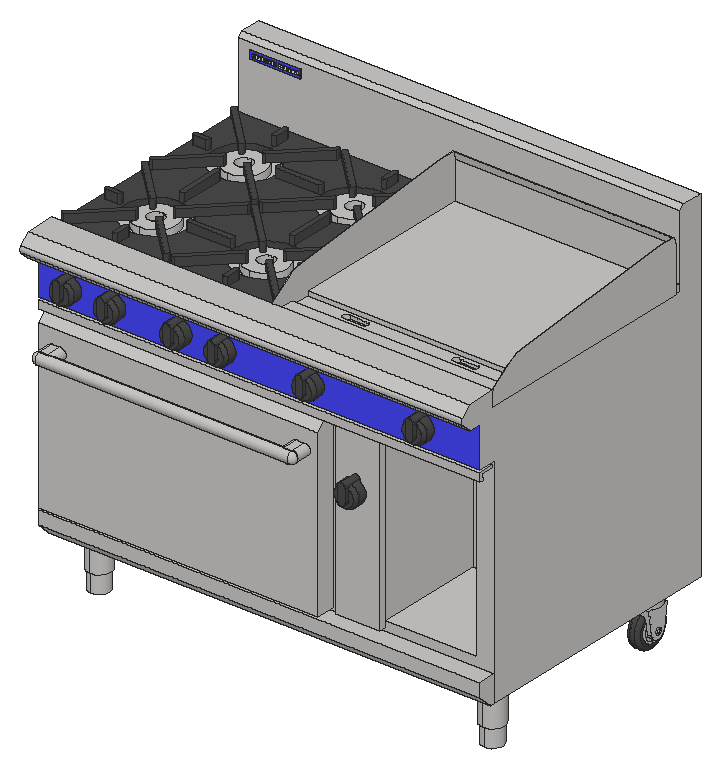
Revit family "QF_MOFFAT_BLUESEAL_CE_G508B", category Specialty Equipment, Revit 2012
Parameters
  Width = 1200 mm
  Weight in Pounds = 568
  URL Cutsheet = "www.moffat.com"
  URL = "www.moffat.com"
  Type Mark [instance] = ""
  Status [instance] = ""
  Specification by User [instance] = ""
  Specification by Manufacturer = ""
  Show Logo [instance] = yes
  Show Clearance [instance] = yes
  Show Casters [instance] = yes
  Serial Number = ""
  Seismic Rating = ""
  SMACNA No = ""
  Revision Code [instance] = ""
  Omniclass Number and Title = ""
  NAFEM Spec ID Number = ""
  Model = "G508B"
  Mechanical Remarks = ""
  Mechanical Connection Type [instance] = ""
  Masterspec = ""
  Manufacturer = "MOFFAT BLUESEAL"
  Legs [instance] = not(Show Casters)  # no
  Item Number [instance] = ""
  Installed By [instance] = ""
  Identify Quantity as Lot [instance] = yes
  Height = 970 mm
  Gas Size = 3/4"
  Gas RI Height [instance] = 0 mm
  Gas KW [instance] = 49
  Gas Input [instance] = 167000.0 Btu/h
  Gas Connection Height = 0 mm
  Furnished By [instance] = ""
  Foodservice Equipment Identifier [instance] = yes
  Description = "1200MM GAS RANGE WITH STATIC OVEN"
  Depth = 812 mm
  CSI MasterFormat = ""
  CSI Master Format = ""
  Body Finish = QF_Finishes_Stainless Steel
Reference planes
  plane 1 "BACK": y = 0
  plane 2: z = 0
  plane 3 "LEFT": x = 0
  plane 4 "RIGHT": x = 1200
  plane 5 "FRONT": y = -812
  plane 6 "TOP": z = 970
  plane 7 "Center Y": x = 600
  plane 8 "Center X": y = -406
  plane 9: x = 280
  plane 10: y = -574.272
  plane 11: x = 60
  plane 12: y = -304.972
  plane 13: y = -364.972
  plane 14: x = 74
  plane 15: y = -812
  plane 16: x = 1134.5
  plane 17: y = -32
  plane 18: z = 655
  plane 19: x = 65.5
  plane 20: x = 65.8
  plane 21: z = 1085
  plane 22: y = -705
Forms (mm)
  Extrusion 1, solid, material "QF_Finishes_Stainless Steel" <- "Body Finish"
    sketch origin (0, 0, 0) x (0, 1, 0) y (0, 0, 1)
      loop
        line (0, 150) -> (0, 1085) -> (-57.5, 1085) -> (-70, 1072.5) -> (-70, 875) -> (-705, 875) -> (-705, 915) -> (-783.97, 915) -> (-808.49, 890.48)
        arc (-808.49, 890.48) -> (-812.002, 882) -> (-808.49, 873.52) r 11.993
        line (-808.49, 873.52) -> (-784.97, 850) -> (-749, 850) -> (-749, 740) -> (-699, 740) -> (-699, 150) -> (0, 150)
      loop
        line (-749, 222.5) -> (-749, 186) -> (-713.071, 150.071) -> (-703.2, 150.071) -> (-703.2, 222.5) -> (-749, 222.5)
      loop
        line (-749, 710) -> (-740.224, 710) -> (-742.613, 726.999) -> (-707.93, 726.999) -> (-707.93, 734.003) -> (-749, 734.003) -> (-749, 710)
    from 0 to 1200
  Extrusion 2, solid, material "QF_Finishes_Stainless Steel"
    sketch origin (0, 7, 0) x (0, 1, 0) y (0, 0, 1)
      loop
        line (-706, 700) -> (-732, 700) -> (-756, 676) -> (-756, 227.5) -> (-706, 227.5) -> (-706, 700)
    from 0 to 760
  Extrusion 3, solid, material "QF_Finishes_Stainless Steel"
    sketch origin (723.5, 7, 0) x (0, 1, 0) y (0, 0, 1)
      loop
        line (-706, 700) -> (-721, 700) -> (-721, 227.5) -> (-706, 227.5) -> (-706, 700)
    from 56.898 to 176.5
  Revolve 4, solid, material "QF_Finishes_Stainless Steel" <- "Body Finish"
    sketch origin (1134.5, -696.126, 0) x (0, 1, 0) y (0, 0, -1)
      loop
        line (39.376, -150) -> (71.126, -150) -> (71.126, 0) -> (43.626, 0) -> (43.626, -50) -> (39.376, -50) -> (39.376, -150)
      axis (71.126, -150) -> (71.126, 0)
    angle from 0 to 360
  Revolve 5, solid, material "QF_Finishes_Stainless Steel" <- "Body Finish"
    sketch origin (65.5, -696.126, 0) x (0, 1, 0) y (0, 0, 1)
      loop
        line (39.376, 150) -> (39.376, 50) -> (43.626, 50) -> (43.626, 0) -> (71.126, 0) -> (71.126, 150) -> (39.376, 150)
      axis (71.126, 150) -> (71.126, 0)
    angle from 0 to 360
  Extrusion 6, solid, material "QF_Finishes_Stainless Steel"
    sketch origin (-64.5, 0, 325) x (1, 0, 0) y (0, 1, 0)
      loop
        circle (1134.5, -32) r 10
    from 330 to 374.856
  Extrusion 7, void
    sketch origin (0, -703.73, 150) x (0, 0, -1) y (-1, 0, 0)
      loop
        line (-526, -900) -> (-526, -1150) -> (-96, -1150) -> (-96, -900) -> (-526, -900)
    from 0 to 304.8
  Extrusion 8, solid, material "QF_Finishes_Black"
    sketch origin (0, -70, 875) x (0, -1, 0) y (1, 0, 0)
      loop
        arc (1, 4) -> (1.879, 1.879) -> (4, 1) r 3
        line (4, 1) -> (632, 1)
        arc (632, 1) -> (634.121, 1.879) -> (635, 4) r 3
        line (635, 4) -> (635, 597)
        arc (635, 597) -> (634.121, 599.121) -> (632, 600) r 3
        line (632, 600) -> (4, 600)
        arc (4, 600) -> (1.879, 599.121) -> (1, 597) r 3
        line (1, 597) -> (1, 4)
      loop
        circle (167.5, 150) r 85
      loop
        circle (167.5, 450) r 85
      loop
        circle (467.768, 150) r 85
      loop
        circle (467.768, 450) r 85
    from 0 to 19.5
  Extrusion 9, solid, material "QF_Finishes_Black"
    sketch origin (0, -70, 894.5) x (0, -1, 0) y (1, 0, 0)
      loop
        spline (327.102, 15.153) -> (326.181, 13.924) -> (325.631, 12.47) -> (325.49, 10.89) -> (325.767, 9.292) -> (326.443, 7.786) -> (327.473, 6.473) -> (328.786, 5.443) -> (330.292, 4.767) -> (331.89, 4.49) -> (333.47, 4.631) -> (334.924, 5.181) -> (336.153, 6.102)
        line (336.153, 6.102) -> (444.076, 114.025)
        spline (444.076, 114.025) -> (444.837, 115.095) -> (445.238, 116.399) -> (445.251, 117.851) -> (444.875, 119.35) -> (444.137, 120.795) -> (443.086, 122.086) -> (441.795, 123.137) -> (440.35, 123.875) -> (438.851, 124.251) -> (437.399, 124.238) -> (436.095, 123.837) -> (435.025, 123.076)
        line (435.025, 123.076) -> (327.102, 15.153)
      loop
        line (611.398, 15.153) -> (503.475, 123.076)
        spline (503.475, 123.076) -> (502.405, 123.837) -> (501.101, 124.238) -> (499.649, 124.251) -> (498.15, 123.875) -> (496.705, 123.137) -> (495.414, 122.086) -> (494.363, 120.795) -> (493.625, 119.35) -> (493.249, 117.851) -> (493.262, 116.399) -> (493.663, 115.095) -> (494.424, 114.025)
        line (494.424, 114.025) -> (602.347, 6.102)
        spline (602.347, 6.102) -> (603.416, 5.341) -> (604.721, 4.941) -> (606.172, 4.928) -> (607.671, 5.303) -> (609.116, 6.041) -> (610.408, 7.092) -> (611.459, 8.384) -> (612.197, 9.829) -> (612.572, 11.328) -> (612.559, 12.779) -> (612.159, 14.084) -> (611.398, 15.153)
      loop
        spline (379.102, 143.6) -> (380.396, 143.818) -> (381.602, 144.457) -> (382.638, 145.475) -> (383.432, 146.8) -> (383.932, 148.344) -> (384.102, 150) -> (383.932, 151.656) -> (383.432, 153.2) -> (382.638, 154.525) -> (381.602, 155.543) -> (380.396, 156.182) -> (379.102, 156.4)
        line (379.102, 156.4) -> (259.398, 156.4)
        spline (259.398, 156.4) -> (258.104, 156.182) -> (256.898, 155.543) -> (255.862, 154.525) -> (255.068, 153.2) -> (254.568, 151.656) -> (254.398, 150) -> (254.568, 148.344) -> (255.068, 146.8) -> (255.862, 145.475) -> (256.898, 144.457) -> (258.104, 143.818) -> (259.398, 143.6)
        line (259.398, 143.6) -> (379.102, 143.6)
      loop
        spline (23.602, 15.153) -> (22.681, 13.924) -> (22.131, 12.47) -> (21.99, 10.89) -> (22.267, 9.292) -> (22.943, 7.786) -> (23.973, 6.473) -> (25.286, 5.443) -> (26.792, 4.767) -> (28.39, 4.49) -> (29.97, 4.631) -> (31.424, 5.181) -> (32.653, 6.102)
        line (32.653, 6.102) -> (140.576, 114.025)
        spline (140.576, 114.025) -> (141.337, 115.095) -> (141.738, 116.399) -> (141.751, 117.851) -> (141.375, 119.35) -> (140.637, 120.795) -> (139.586, 122.086) -> (138.295, 123.137) -> (136.85, 123.875) -> (135.351, 124.251) -> (133.899, 124.238) -> (132.595, 123.837) -> (131.525, 123.076)
        line (131.525, 123.076) -> (23.602, 15.153)
      loop
        line (311.398, 15.153) -> (203.475, 123.076)
        spline (203.475, 123.076) -> (202.405, 123.837) -> (201.101, 124.238) -> (199.649, 124.251) -> (198.15, 123.875) -> (196.705, 123.137) -> (195.414, 122.086) -> (194.363, 120.795) -> (193.625, 119.35) -> (193.249, 117.851) -> (193.262, 116.399) -> (193.663, 115.095) -> (194.424, 114.025)
        line (194.424, 114.025) -> (302.347, 6.102)
        spline (302.347, 6.102) -> (303.416, 5.341) -> (304.721, 4.941) -> (306.172, 4.928) -> (307.671, 5.303) -> (309.116, 6.041) -> (310.408, 7.092) -> (311.459, 8.384) -> (312.197, 9.829) -> (312.572, 11.328) -> (312.559, 12.779) -> (312.159, 14.084) -> (311.398, 15.153)
      loop
        line (327.102, 284.847) -> (435.025, 176.924)
        spline (435.025, 176.924) -> (436.095, 176.163) -> (437.399, 175.762) -> (438.851, 175.749) -> (440.35, 176.125) -> (441.795, 176.863) -> (443.086, 177.914) -> (444.137, 179.205) -> (444.875, 180.65) -> (445.251, 182.149) -> (445.238, 183.601) -> (444.837, 184.905) -> (444.076, 185.975)
        line (444.076, 185.975) -> (336.153, 293.898)
        spline (336.153, 293.898) -> (334.924, 294.819) -> (333.47, 295.369) -> (331.89, 295.51) -> (330.292, 295.233) -> (328.786, 294.557) -> (327.473, 293.527) -> (326.443, 292.214) -> (325.767, 290.708) -> (325.49, 289.11) -> (325.631, 287.53) -> (326.181, 286.076) -> (327.102, 284.847)
      loop
        spline (611.398, 284.847) -> (612.159, 285.916) -> (612.559, 287.221) -> (612.572, 288.672) -> (612.197, 290.171) -> (611.459, 291.616) -> (610.408, 292.908) -> (609.116, 293.959) -> (607.671, 294.697) -> (606.172, 295.072) -> (604.721, 295.059) -> (603.416, 294.659) -> (602.347, 293.898)
        line (602.347, 293.898) -> (494.424, 185.975)
        spline (494.424, 185.975) -> (493.663, 184.905) -> (493.262, 183.601) -> (493.249, 182.149) -> (493.625, 180.65) -> (494.363, 179.205) -> (495.414, 177.914) -> (496.705, 176.863) -> (498.15, 176.125) -> (499.649, 175.749) -> (501.101, 175.762) -> (502.405, 176.163) -> (503.475, 176.924)
        line (503.475, 176.924) -> (611.398, 284.847)
      loop
        spline (461.1, 241.898) -> (461.318, 240.604) -> (461.957, 239.398) -> (462.975, 238.362) -> (464.3, 237.568) -> (465.844, 237.068) -> (467.5, 236.898) -> (469.156, 237.068) -> (470.7, 237.568) -> (472.025, 238.362) -> (473.043, 239.398) -> (473.682, 240.604) -> (473.9, 241.898)
        line (473.9, 241.898) -> (473.9, 358.102)
        spline (473.9, 358.102) -> (473.682, 359.396) -> (473.043, 360.602) -> (472.025, 361.638) -> (470.7, 362.432) -> (469.156, 362.932) -> (467.5, 363.102) -> (465.844, 362.932) -> (464.3, 362.432) -> (462.975, 361.638) -> (461.957, 360.602) -> (461.318, 359.396) -> (461.1, 358.102)
        line (461.1, 358.102) -> (461.1, 241.898)
      loop
        line (23.602, 284.847) -> (131.525, 176.924)
        spline (131.525, 176.924) -> (132.595, 176.163) -> (133.899, 175.762) -> (135.351, 175.749) -> (136.85, 176.125) -> (138.295, 176.863) -> (139.586, 177.914) -> (140.637, 179.205) -> (141.375, 180.65) -> (141.751, 182.149) -> (141.738, 183.601) -> (141.337, 184.905) -> (140.576, 185.975)
        line (140.576, 185.975) -> (32.653, 293.898)
        spline (32.653, 293.898) -> (31.424, 294.819) -> (29.97, 295.369) -> (28.39, 295.51) -> (26.792, 295.233) -> (25.286, 294.557) -> (23.973, 293.527) -> (22.943, 292.214) -> (22.267, 290.708) -> (21.99, 289.11) -> (22.131, 287.53) -> (22.681, 286.076) -> (23.602, 284.847)
      loop
        spline (311.398, 284.847) -> (312.159, 285.916) -> (312.559, 287.221) -> (312.572, 288.672) -> (312.197, 290.171) -> (311.459, 291.616) -> (310.408, 292.908) -> (309.116, 293.959) -> (307.671, 294.697) -> (306.172, 295.072) -> (304.721, 295.059) -> (303.416, 294.659) -> (302.347, 293.898)
        line (302.347, 293.898) -> (194.424, 185.975)
        spline (194.424, 185.975) -> (193.663, 184.905) -> (193.262, 183.601) -> (193.249, 182.149) -> (193.625, 180.65) -> (194.363, 179.205) -> (195.414, 177.914) -> (196.705, 176.863) -> (198.15, 176.125) -> (199.649, 175.749) -> (201.101, 175.762) -> (202.405, 176.163) -> (203.475, 176.924)
        line (203.475, 176.924) -> (311.398, 284.847)
      loop
        spline (161.1, 241.898) -> (161.318, 240.604) -> (161.957, 239.398) -> (162.975, 238.362) -> (164.3, 237.568) -> (165.844, 237.068) -> (167.5, 236.898) -> (169.156, 237.068) -> (170.7, 237.568) -> (172.025, 238.362) -> (173.043, 239.398) -> (173.682, 240.604) -> (173.9, 241.898)
        line (173.9, 241.898) -> (173.9, 358.102)
        spline (173.9, 358.102) -> (173.682, 359.396) -> (173.043, 360.602) -> (172.025, 361.638) -> (170.7, 362.432) -> (169.156, 362.932) -> (167.5, 363.102) -> (165.844, 362.932) -> (164.3, 362.432) -> (162.975, 361.638) -> (161.957, 360.602) -> (161.318, 359.396) -> (161.1, 358.102)
        line (161.1, 358.102) -> (161.1, 241.898)
      loop
        line (379.102, 456.4) -> (259.398, 456.4)
        spline (259.398, 456.4) -> (258.104, 456.182) -> (256.898, 455.543) -> (255.862, 454.525) -> (255.068, 453.2) -> (254.568, 451.656) -> (254.398, 450) -> (254.568, 448.344) -> (255.068, 446.8) -> (255.862, 445.475) -> (256.898, 444.457) -> (258.104, 443.818) -> (259.398, 443.6)
        line (259.398, 443.6) -> (379.102, 443.6)
        spline (379.102, 443.6) -> (380.396, 443.818) -> (381.602, 444.457) -> (382.638, 445.475) -> (383.432, 446.8) -> (383.932, 448.344) -> (384.102, 450) -> (383.932, 451.656) -> (383.432, 453.2) -> (382.638, 454.525) -> (381.602, 455.543) -> (380.396, 456.182) -> (379.102, 456.4)
      loop
        spline (327.102, 315.153) -> (326.181, 313.924) -> (325.631, 312.47) -> (325.49, 310.89) -> (325.767, 309.292) -> (326.443, 307.786) -> (327.473, 306.473) -> (328.786, 305.443) -> (330.292, 304.767) -> (331.89, 304.49) -> (333.47, 304.631) -> (334.924, 305.181) -> (336.153, 306.102)
        line (336.153, 306.102) -> (444.076, 414.025)
        spline (444.076, 414.025) -> (444.837, 415.095) -> (445.238, 416.399) -> (445.251, 417.851) -> (444.875, 419.35) -> (444.137, 420.795) -> (443.086, 422.086) -> (441.795, 423.137) -> (440.35, 423.875) -> (438.851, 424.251) -> (437.399, 424.238) -> (436.095, 423.837) -> (435.025, 423.076)
        line (435.025, 423.076) -> (327.102, 315.153)
      loop
        line (611.398, 315.153) -> (503.475, 423.076)
        spline (503.475, 423.076) -> (502.405, 423.837) -> (501.101, 424.238) -> (499.649, 424.251) -> (498.15, 423.875) -> (496.705, 423.137) -> (495.414, 422.086) -> (494.363, 420.795) -> (493.625, 419.35) -> (493.249, 417.851) -> (493.262, 416.399) -> (493.663, 415.095) -> (494.424, 414.025)
        line (494.424, 414.025) -> (602.347, 306.102)
        spline (602.347, 306.102) -> (603.416, 305.341) -> (604.721, 304.941) -> (606.172, 304.928) -> (607.671, 305.303) -> (609.116, 306.041) -> (610.408, 307.092) -> (611.459, 308.384) -> (612.197, 309.829) -> (612.572, 311.328) -> (612.559, 312.779) -> (612.159, 314.084) -> (611.398, 315.153)
      loop
        spline (23.602, 315.153) -> (22.681, 313.924) -> (22.131, 312.47) -> (21.99, 310.89) -> (22.267, 309.292) -> (22.943, 307.786) -> (23.973, 306.473) -> (25.286, 305.443) -> (26.792, 304.767) -> (28.39, 304.49) -> (29.97, 304.631) -> (31.424, 305.181) -> (32.653, 306.102)
        line (32.653, 306.102) -> (140.576, 414.025)
        spline (140.576, 414.025) -> (141.337, 415.095) -> (141.738, 416.399) -> (141.751, 417.851) -> (141.375, 419.35) -> (140.637, 420.795) -> (139.586, 422.086) -> (138.295, 423.137) -> (136.85, 423.875) -> (135.351, 424.251) -> (133.899, 424.238) -> (132.595, 423.837) -> (131.525, 423.076)
        line (131.525, 423.076) -> (23.602, 315.153)
      loop
        line (311.398, 315.153) -> (203.475, 423.076)
        spline (203.475, 423.076) -> (202.405, 423.837) -> (201.101, 424.238) -> (199.649, 424.251) -> (198.15, 423.875) -> (196.705, 423.137) -> (195.414, 422.086) -> (194.363, 420.795) -> (193.625, 419.35) -> (193.249, 417.851) -> (193.262, 416.399) -> (193.663, 415.095) -> (194.424, 414.025)
        line (194.424, 414.025) -> (302.347, 306.102)
        spline (302.347, 306.102) -> (303.416, 305.341) -> (304.721, 304.941) -> (306.172, 304.928) -> (307.671, 305.303) -> (309.116, 306.041) -> (310.408, 307.092) -> (311.459, 308.384) -> (312.197, 309.829) -> (312.572, 311.328) -> (312.559, 312.779) -> (312.159, 314.084) -> (311.398, 315.153)
      loop
        line (327.102, 584.847) -> (435.025, 476.924)
        spline (435.025, 476.924) -> (436.095, 476.163) -> (437.399, 475.762) -> (438.851, 475.749) -> (440.35, 476.125) -> (441.795, 476.863) -> (443.086, 477.914) -> (444.137, 479.205) -> (444.875, 480.65) -> (445.251, 482.149) -> (445.238, 483.601) -> (444.837, 484.905) -> (444.076, 485.975)
        line (444.076, 485.975) -> (336.153, 593.898)
        spline (336.153, 593.898) -> (334.924, 594.819) -> (333.47, 595.369) -> (331.89, 595.51) -> (330.292, 595.233) -> (328.786, 594.557) -> (327.473, 593.527) -> (326.443, 592.214) -> (325.767, 590.708) -> (325.49, 589.11) -> (325.631, 587.53) -> (326.181, 586.076) -> (327.102, 584.847)
      loop
        spline (611.398, 584.847) -> (612.159, 585.916) -> (612.559, 587.221) -> (612.572, 588.672) -> (612.197, 590.171) -> (611.459, 591.616) -> (610.408, 592.908) -> (609.116, 593.959) -> (607.671, 594.697) -> (606.172, 595.072) -> (604.721, 595.059) -> (603.416, 594.659) -> (602.347, 593.898)
        line (602.347, 593.898) -> (494.424, 485.975)
        spline (494.424, 485.975) -> (493.663, 484.905) -> (493.262, 483.601) -> (493.249, 482.149) -> (493.625, 480.65) -> (494.363, 479.205) -> (495.414, 477.914) -> (496.705, 476.863) -> (498.15, 476.125) -> (499.649, 475.749) -> (501.101, 475.762) -> (502.405, 476.163) -> (503.475, 476.924)
        line (503.475, 476.924) -> (611.398, 584.847)
      loop
        line (23.602, 584.847) -> (131.525, 476.924)
        spline (131.525, 476.924) -> (132.595, 476.163) -> (133.899, 475.762) -> (135.351, 475.749) -> (136.85, 476.125) -> (138.295, 476.863) -> (139.586, 477.914) -> (140.637, 479.205) -> (141.375, 480.65) -> (141.751, 482.149) -> (141.738, 483.601) -> (141.337, 484.905) -> (140.576, 485.975)
        line (140.576, 485.975) -> (32.653, 593.898)
        spline (32.653, 593.898) -> (31.424, 594.819) -> (29.97, 595.369) -> (28.39, 595.51) -> (26.792, 595.233) -> (25.286, 594.557) -> (23.973, 593.527) -> (22.943, 592.214) -> (22.267, 590.708) -> (21.99, 589.11) -> (22.131, 587.53) -> (22.681, 586.076) -> (23.602, 584.847)
      loop
        spline (311.398, 584.847) -> (312.159, 585.916) -> (312.559, 587.221) -> (312.572, 588.672) -> (312.197, 590.171) -> (311.459, 591.616) -> (310.408, 592.908) -> (309.116, 593.959) -> (307.671, 594.697) -> (306.172, 595.072) -> (304.721, 595.059) -> (303.416, 594.659) -> (302.347, 593.898)
        line (302.347, 593.898) -> (194.424, 485.975)
        spline (194.424, 485.975) -> (193.663, 484.905) -> (193.262, 483.601) -> (193.249, 482.149) -> (193.625, 480.65) -> (194.363, 479.205) -> (195.414, 477.914) -> (196.705, 476.863) -> (198.15, 476.125) -> (199.649, 475.749) -> (201.101, 475.762) -> (202.405, 476.163) -> (203.475, 476.924)
        line (203.475, 476.924) -> (311.398, 584.847)
      loop
        spline (473.9, 592.104) -> (473.682, 593.398) -> (473.043, 594.604) -> (472.025, 595.64) -> (470.7, 596.434) -> (469.156, 596.934) -> (467.5, 597.104) -> (465.844, 596.934) -> (464.3, 596.434) -> (462.975, 595.64) -> (461.957, 594.604) -> (461.318, 593.398) -> (461.1, 592.104)
        line (461.1, 592.104) -> (461.1, 542.13)
        spline (461.1, 542.13) -> (461.318, 540.836) -> (461.957, 539.63) -> (462.975, 538.595) -> (464.3, 537.8) -> (465.844, 537.301) -> (467.5, 537.13) -> (469.156, 537.301) -> (470.7, 537.8) -> (472.025, 538.595) -> (473.043, 539.63) -> (473.682, 540.836) -> (473.9, 542.13)
        line (473.9, 542.13) -> (473.9, 592.104)
      loop
        spline (173.9, 592.104) -> (173.682, 593.398) -> (173.043, 594.604) -> (172.025, 595.64) -> (170.7, 596.434) -> (169.156, 596.934) -> (167.5, 597.104) -> (165.844, 596.934) -> (164.3, 596.434) -> (162.975, 595.64) -> (161.957, 594.604) -> (161.318, 593.398) -> (161.1, 592.104)
        line (161.1, 592.104) -> (161.1, 542.13)
        spline (161.1, 542.13) -> (161.318, 540.836) -> (161.957, 539.63) -> (162.975, 538.595) -> (164.3, 537.8) -> (165.844, 537.301) -> (167.5, 537.13) -> (169.156, 537.301) -> (170.7, 537.8) -> (172.025, 538.595) -> (173.043, 539.63) -> (173.682, 540.836) -> (173.9, 542.13)
        line (173.9, 542.13) -> (173.9, 592.104)
      loop
        spline (65.602, 143.6) -> (66.896, 143.818) -> (68.102, 144.457) -> (69.138, 145.475) -> (69.932, 146.8) -> (70.432, 148.344) -> (70.602, 150) -> (70.432, 151.656) -> (69.932, 153.2) -> (69.138, 154.525) -> (68.102, 155.543) -> (66.896, 156.182) -> (65.602, 156.4)
        line (65.602, 156.4) -> (29.398, 156.4)
        spline (29.398, 156.4) -> (28.104, 156.182) -> (26.898, 155.543) -> (25.862, 154.525) -> (25.068, 153.2) -> (24.568, 151.656) -> (24.398, 150) -> (24.568, 148.344) -> (25.068, 146.8) -> (25.862, 145.475) -> (26.898, 144.457) -> (28.104, 143.818) -> (29.398, 143.6)
        line (29.398, 143.6) -> (65.602, 143.6)
      loop
        spline (65.602, 443.6) -> (66.896, 443.818) -> (68.102, 444.457) -> (69.138, 445.475) -> (69.932, 446.8) -> (70.432, 448.344) -> (70.602, 450) -> (70.432, 451.656) -> (69.932, 453.2) -> (69.138, 454.525) -> (68.102, 455.543) -> (66.896, 456.182) -> (65.602, 456.4)
        line (65.602, 456.4) -> (29.398, 456.4)
        spline (29.398, 456.4) -> (28.104, 456.182) -> (26.898, 455.543) -> (25.862, 454.525) -> (25.068, 453.2) -> (24.568, 451.656) -> (24.398, 450) -> (24.568, 448.344) -> (25.068, 446.8) -> (25.862, 445.475) -> (26.898, 444.457) -> (28.104, 443.818) -> (29.398, 443.6)
        line (29.398, 443.6) -> (65.602, 443.6)
      loop
        spline (605.602, 143.6) -> (606.896, 143.818) -> (608.102, 144.457) -> (609.138, 145.475) -> (609.932, 146.8) -> (610.432, 148.344) -> (610.602, 150) -> (610.432, 151.656) -> (609.932, 153.2) -> (609.138, 154.525) -> (608.102, 155.543) -> (606.896, 156.182) -> (605.602, 156.4)
        line (605.602, 156.4) -> (569.398, 156.4)
        spline (569.398, 156.4) -> (568.104, 156.182) -> (566.898, 155.543) -> (565.862, 154.525) -> (565.068, 153.2) -> (564.568, 151.656) -> (564.398, 150) -> (564.568, 148.344) -> (565.068, 146.8) -> (565.862, 145.475) -> (566.898, 144.457) -> (568.104, 143.818) -> (569.398, 143.6)
        line (569.398, 143.6) -> (605.602, 143.6)
      loop
        spline (605.602, 443.6) -> (606.896, 443.818) -> (608.102, 444.457) -> (609.138, 445.475) -> (609.932, 446.8) -> (610.432, 448.344) -> (610.602, 450) -> (610.432, 451.656) -> (609.932, 453.2) -> (609.138, 454.525) -> (608.102, 455.543) -> (606.896, 456.182) -> (605.602, 456.4)
        line (605.602, 456.4) -> (569.398, 456.4)
        spline (569.398, 456.4) -> (568.104, 456.182) -> (566.898, 455.543) -> (565.862, 454.525) -> (565.068, 453.2) -> (564.568, 451.656) -> (564.398, 450) -> (564.568, 448.344) -> (565.068, 446.8) -> (565.862, 445.475) -> (566.898, 444.457) -> (568.104, 443.818) -> (569.398, 443.6)
        line (569.398, 443.6) -> (605.602, 443.6)
      loop
        line (460.626, 50.584) -> (460.626, 16.591)
        spline (460.626, 16.591) -> (460.844, 15.297) -> (461.483, 14.091) -> (462.501, 13.055) -> (463.826, 12.261) -> (465.37, 11.761) -> (467.026, 11.591) -> (468.682, 11.761) -> (470.226, 12.261) -> (471.551, 13.055) -> (472.569, 14.091) -> (473.208, 15.297) -> (473.426, 16.591)
        line (473.426, 16.591) -> (473.426, 50.584)
        spline (473.426, 50.584) -> (473.208, 51.878) -> (472.569, 53.084) -> (471.551, 54.119) -> (470.226, 54.914) -> (468.682, 55.413) -> (467.026, 55.584) -> (465.37, 55.413) -> (463.826, 54.914) -> (462.501, 54.119) -> (461.483, 53.084) -> (460.844, 51.878) -> (460.626, 50.584)
      loop
        line (160.11, 50.584) -> (160.11, 16.591)
        spline (160.11, 16.591) -> (160.328, 15.297) -> (160.967, 14.091) -> (161.984, 13.055) -> (163.31, 12.261) -> (164.853, 11.761) -> (166.51, 11.591) -> (168.166, 11.761) -> (169.71, 12.261) -> (171.035, 13.055) -> (172.052, 14.091) -> (172.692, 15.297) -> (172.91, 16.591)
        line (172.91, 16.591) -> (172.91, 50.584)
        spline (172.91, 50.584) -> (172.692, 51.878) -> (172.052, 53.084) -> (171.035, 54.119) -> (169.71, 54.914) -> (168.166, 55.413) -> (166.51, 55.584) -> (164.853, 55.413) -> (163.31, 54.914) -> (161.984, 54.119) -> (160.967, 53.084) -> (160.328, 51.878) -> (160.11, 50.584)
    from 0 to 23.5
  Revolve 10, solid, material "QF_Finishes_Black"
    sketch origin (750.113, 45.874, -0.118) x (0, 1, 0) y (0, 0, 1)
      loop
        line (-827.874, 829.5) -> (-838.874, 823.651) -> (-838.874, 797) -> (-794.874, 797) -> (-794.874, 802) -> (-804.874, 802) -> (-804.874, 829.5) -> (-827.874, 829.5)
      axis (-838.874, 797) -> (-794.874, 797)
    angle from 0 to 360
  Revolve 11, solid, material "QF_Finishes_Black"
    sketch origin (90.649, 45.874, -0.118) x (0, 1, 0) y (0, 0, -1)
      loop
        line (-827.874, -829.5) -> (-804.874, -829.5) -> (-804.874, -802) -> (-794.874, -802) -> (-794.874, -797) -> (-838.874, -797) -> (-838.874, -823.651) -> (-827.874, -829.5)
      axis (-838.874, -797) -> (-794.874, -797)
    angle from 0 to 360
  Revolve 12, solid, material "QF_Finishes_Black"
    sketch origin (210.649, 45.874, -0.118) x (0, 1, 0) y (0, 0, -1)
      loop
        line (-827.874, -829.5) -> (-804.874, -829.5) -> (-804.874, -802) -> (-794.874, -802) -> (-794.874, -797) -> (-838.874, -797) -> (-838.874, -823.651) -> (-827.874, -829.5)
      axis (-838.874, -797) -> (-794.874, -797)
    angle from 0 to 360
  Revolve 13, solid, material "QF_Finishes_Black"
    sketch origin (390.625, 45.874, -0.118) x (0, 1, 0) y (0, 0, -1)
      loop
        line (-827.874, -829.5) -> (-804.874, -829.5) -> (-804.874, -802) -> (-794.874, -802) -> (-794.874, -797) -> (-838.874, -797) -> (-838.874, -823.651) -> (-827.874, -829.5)
      axis (-838.874, -797) -> (-794.874, -797)
    angle from 0 to 360
  Revolve 14, solid, material "QF_Finishes_Black"
    sketch origin (510.625, 45.874, -0.118) x (0, 1, 0) y (0, 0, -1)
      loop
        line (-827.874, -829.5) -> (-804.874, -829.5) -> (-804.874, -802) -> (-794.874, -802) -> (-794.874, -797) -> (-838.874, -797) -> (-838.874, -823.651) -> (-827.874, -829.5)
      axis (-838.874, -797) -> (-794.874, -797)
    angle from 0 to 360
  Extrusion 15, solid, material "QF_Finishes_Black"
    sketch origin (238.456, 7, -0.118) x (-1, 0, 0) y (0, 0, -1)
      loop
        arc (158.3, -789) -> (148.3, -779) -> (138.3, -789) r 10
        line (138.3, -789) -> (138.3, -824)
        arc (138.3, -824) -> (148.3, -834) -> (158.3, -824) r 10
        line (158.3, -824) -> (158.3, -789)
    from 759 to 808
  Extrusion 16, solid, material "QF_Finishes_Black"
    sketch origin (358.456, 7, -0.118) x (-1, 0, 0) y (0, 0, -1)
      loop
        arc (158.3, -789) -> (148.3, -779) -> (138.3, -789) r 10
        line (138.3, -789) -> (138.3, -824)
        arc (138.3, -824) -> (148.3, -834) -> (158.3, -824) r 10
        line (158.3, -824) -> (158.3, -789)
    from 759 to 808
  Extrusion 17, solid, material "QF_Finishes_Black"
    sketch origin (538.432, 7, -0.118) x (-1, 0, 0) y (0, 0, -1)
      loop
        arc (158.3, -789) -> (148.3, -779) -> (138.3, -789) r 10
        line (138.3, -789) -> (138.3, -824)
        arc (138.3, -824) -> (148.3, -834) -> (158.3, -824) r 10
        line (158.3, -824) -> (158.3, -789)
    from 759 to 808
  Extrusion 18, solid, material "QF_Finishes_Black"
    sketch origin (658.432, 7, -0.118) x (-1, 0, 0) y (0, 0, -1)
      loop
        arc (158.3, -789) -> (148.3, -779) -> (138.3, -789) r 10
        line (138.3, -789) -> (138.3, -824)
        arc (138.3, -824) -> (148.3, -834) -> (158.3, -824) r 10
        line (158.3, -824) -> (158.3, -789)
    from 759 to 808
  Extrusion 19, solid, material "QF_Finishes_Black"
    sketch origin (897.92, 7, -0.118) x (-1, 0, 0) y (0, 0, -1)
      loop
        arc (158.3, -789) -> (148.3, -779) -> (138.3, -789) r 10
        line (138.3, -789) -> (138.3, -824)
        arc (138.3, -824) -> (148.3, -834) -> (158.3, -824) r 10
        line (158.3, -824) -> (158.3, -789)
    from 759 to 808
  Revolve 20, solid, material "QF_Finishes_Black"
    sketch origin (836.851, 80.874, -246.368) x (0, 1, 0) y (0, 0, 1)
      loop
        line (-827.874, 829.5) -> (-838.874, 823.651) -> (-838.874, 797) -> (-794.874, 797) -> (-794.874, 802) -> (-804.874, 802) -> (-804.874, 829.5) -> (-827.874, 829.5)
      axis (-838.874, 797) -> (-794.874, 797)
    angle from 0 to 360
  Extrusion 21, solid, material "QF_Finishes_Black"
    sketch origin (389.044, 42, -246.368) x (1, 0, 0) y (0, 0, 1)
      loop
        line (458.3, 789) -> (458.3, 824)
        arc (458.3, 824) -> (448.3, 834) -> (438.3, 824) r 10
        line (438.3, 824) -> (438.3, 789)
        arc (438.3, 789) -> (448.3, 779) -> (458.3, 789) r 10
    from 759 to 808
  Extrusion 22, solid, material "QF_Door-Drawer Clearances", visible <- "Show Clearance", detail levels coarse
    sketch origin (760, 7, 0) x (0, 1, 0) y (0, 0, 1)
      loop
        arc (-756, 697.347) -> (-1088.232, 559.732) -> (-1225.847, 227.5) r 469.847
        line (-1225.847, 227.5) -> (-756, 227.5) -> (-756, 697.347)
    from 0 to -760
  Extrusion 23, void
    sketch origin (0, 0, 150) x (-1, 0, 0) y (0, -1, 0)
      loop
        line (-1133.988, 87.26) -> (-1133.988, -30.24) -> (-1004.488, -30.24) -> (-1004.488, 38.76) -> (-1052.988, 87.26) -> (-1133.988, 87.26)
    from 72.5 to 549.856
  Extrusion 24, solid, material "QF_Finishes_Stainless Steel"
    sketch origin (0, -749, 227.5) x (0, 0, 1) y (-1, 0, 0)
      loop
        line (380.625, -38.246) -> (380.625, -58.528)
        arc (380.625, -58.528) -> (395.625, -73.528) -> (410.625, -58.528) r 15
        line (410.625, -58.528) -> (410.625, -38.246)
        arc (410.625, -38.246) -> (395.625, -23.246) -> (380.625, -38.246) r 15
      loop
        arc (380.625, -723.039) -> (395.625, -738.039) -> (410.625, -723.039) r 15
        line (410.625, -723.039) -> (410.625, -702.757)
        arc (410.625, -702.757) -> (395.625, -687.757) -> (380.625, -702.757) r 15
        line (380.625, -702.757) -> (380.625, -723.039)
    from 0 to 44
  Revolve 25, solid, material "QF_Finishes_Stainless Steel"
    sketch origin (0, -793, 0) x (1, 0, 0) y (0, 0, 1)
      loop
        arc (738.039, 623.125) -> (733.646, 633.732) -> (723.039, 638.125) r 15
        line (723.039, 638.125) -> (38.246, 638.125)
        arc (38.246, 638.125) -> (27.64, 633.732) -> (23.246, 623.125) r 15
        line (23.246, 623.125) -> (738.039, 623.125)
      axis (738.039, 623.125) -> (23.246, 623.125)
    angle from 0 to 360
  Extrusion 26, solid, material "QF_Finishes_Stainless Steel"
    sketch origin (0, -70, 875) x (0, -1, 0) y (1, 0, 0)
      loop
        circle (167.5, 450) r 57
      loop
        circle (467.5, 450) r 57
      loop
        circle (467.5, 150) r 57
      loop
        circle (167.5, 150) r 57
      loop
        circle (467.5, 150) r 22
      loop
        circle (467.5, 450) r 22
      loop
        circle (167.5, 450) r 22
      loop
        circle (167.5, 150) r 22
    from 0 to 19.5
  Extrusion 27, solid, material "QF_Finishes_Stainless Steel", visible <- "Show Casters"
    sketch origin (71.501, 133.353, -8.783) x (0, 1, 0) y (0, 0, 1)
      loop
        line (-201.603, 118.783) -> (-265.103, 118.783) -> (-252.746, 53.895)
        arc (-252.746, 53.895) -> (-233.353, 38.783) -> (-213.959, 53.895) r 20
        line (-213.959, 53.895) -> (-201.603, 118.783)
    from -35.667 to 22.923
  Revolve 28, solid, material "QF_Finishes_Stainless Steel", visible <- "Show Casters"
    sketch origin (65, -203, 0) x (0, 1, 0) y (0, 0, 1)
      loop
        line (67.25, 150) -> (67.25, 110) -> (103, 110) -> (103, 150) -> (67.25, 150)
      axis (103, 150) -> (103, 110)
    angle from 0 to 360
  Revolve 29, solid, material "QF_Finishes_Stainless Steel", visible <- "Show Casters"
    sketch origin (1134.5, -203, 0) x (0, 1, 0) y (0, 0, -1)
      loop
        line (67.25, -150) -> (103, -150) -> (103, -110) -> (67.25, -110) -> (67.25, -150)
      axis (103, -150) -> (103, -110)
    angle from 0 to 360
  Revolve 30, solid, material "QF_Finishes_Stainless Steel", visible <- "Show Casters"
    sketch origin (1085.276, -99.755, -13.653) x (1, 0, 0) y (0, 0, 1)
      loop
        line (14.841, 64.453) -> (83.584, 64.453) -> (83.584, 67.958) -> (82.314, 69.228) -> (80.79, 69.228) -> (80.79, 72.674) -> (68.644, 72.674) -> (68.644, 82.639) -> (65.088, 84.692) -> (63.738, 93.028) -> (65.881, 93.028) -> (65.881, 99.378) -> (65.088, 99.378) -> (65.088, 105.728)
        arc (65.088, 105.728) -> (62.298, 112.463) -> (55.563, 115.253) r 9.525
        line (55.563, 115.253) -> (42.863, 115.253)
        arc (42.863, 115.253) -> (36.127, 112.463) -> (33.338, 105.728) r 9.525
        line (33.338, 105.728) -> (33.338, 99.378) -> (32.544, 99.378) -> (32.544, 93.028) -> (34.687, 93.028) -> (33.352, 84.781) -> (29.782, 82.719) -> (29.782, 72.674) -> (17.635, 72.674) -> (17.635, 69.228) -> (16.111, 69.228) -> (14.841, 67.958) -> (14.841, 64.453)
      axis (14.841, 64.453) -> (83.584, 64.453)
    angle from 0 to 360
  Extrusion 31, solid, material "QF_Finishes_Stainless Steel", visible <- "Show Casters"
    sketch origin (1141.001, 133.353, -8.783) x (0, 1, 0) y (0, 0, 1)
      loop
        line (-201.603, 118.783) -> (-265.103, 118.783) -> (-252.746, 53.895)
        arc (-252.746, 53.895) -> (-233.353, 38.783) -> (-213.959, 53.895) r 20
        line (-213.959, 53.895) -> (-201.603, 118.783)
    from -35.667 to 22.923
  Revolve 32, solid, material "QF_Finishes_Stainless Steel", visible <- "Legs"
    sketch origin (65, -165, 0) x (0, 1, 0) y (0, 0, 1)
      loop
        line (33.25, 150) -> (33.25, 50) -> (37.5, 50) -> (37.5, 0) -> (65, 0) -> (65, 150) -> (33.25, 150)
      axis (65, 150) -> (65, 0)
    angle from 0 to 360
  Revolve 33, solid, material "QF_Finishes_Stainless Steel", visible <- "Legs"
    sketch origin (1134.5, -165, 0) x (0, 1, 0) y (0, 0, -1)
      loop
        line (33.25, -150) -> (65, -150) -> (65, 0) -> (37.5, 0) -> (37.5, -50) -> (33.25, -50) -> (33.25, -150)
      axis (65, -150) -> (65, 0)
    angle from 0 to 360
  Revolve 34, solid, material "QF_Finishes_Stainless Steel", visible <- "Show Casters"
    sketch origin (114.224, -99.755, -13.653) x (-1, 0, 0) y (0, 0, -1)
      loop
        line (14.841, -64.453) -> (14.841, -67.958) -> (16.111, -69.228) -> (17.635, -69.228) -> (17.635, -72.674) -> (29.782, -72.674) -> (29.782, -82.719) -> (33.352, -84.781) -> (34.687, -93.028) -> (32.544, -93.028) -> (32.544, -99.378) -> (33.338, -99.378) -> (33.338, -105.728)
        arc (33.338, -105.728) -> (36.127, -112.463) -> (42.863, -115.253) r 9.525
        line (42.863, -115.253) -> (55.563, -115.253)
        arc (55.563, -115.253) -> (62.298, -112.463) -> (65.088, -105.728) r 9.525
        line (65.088, -105.728) -> (65.088, -99.378) -> (65.881, -99.378) -> (65.881, -93.028) -> (63.738, -93.028) -> (65.088, -84.692) -> (68.644, -82.639) -> (68.644, -72.674) -> (80.79, -72.674) -> (80.79, -69.228) -> (82.314, -69.228) -> (83.584, -67.958) -> (83.584, -64.453) -> (14.841, -64.453)
      axis (14.841, -64.453) -> (83.584, -64.453)
    angle from 0 to 360
  Revolve 35, solid, material "QF_Finishes_Black"
    sketch origin (1049.887, 45.874, -0.118) x (0, 1, 0) y (0, 0, 1)
      loop
        line (-827.874, 829.5) -> (-838.874, 823.651) -> (-838.874, 797) -> (-794.874, 797) -> (-794.874, 802) -> (-804.874, 802) -> (-804.874, 829.5) -> (-827.874, 829.5)
      axis (-838.874, 797) -> (-794.874, 797)
    angle from 0 to 360
  Extrusion 36, solid, material "QF_Finishes_Black"
    sketch origin (1197.694, 7, -0.118) x (-1, 0, 0) y (0, 0, -1)
      loop
        arc (158.3, -789) -> (148.3, -779) -> (138.3, -789) r 10
        line (138.3, -789) -> (138.3, -824)
        arc (138.3, -824) -> (148.3, -834) -> (158.3, -824) r 10
        line (158.3, -824) -> (158.3, -789)
    from 759 to 808
Cuts and joins
  Extrusion 7, Extrusion 23 cuts Extrusion 1
Lines and regions (mm)
  Split face 1
    outline origin (1200, 0, 1085) x (-1, 0, 0) y (0, -1, 0)
      loop
        arc (935.206, 45.185) -> (926.545, 40.185) -> (926.545, 30.185) r 10
        line (926.545, 30.185) -> (930.587, 23.185)
        arc (930.587, 23.185) -> (934.247, 19.525) -> (939.247, 18.185) r 10
        line (939.247, 18.185) -> (1167.206, 18.185)
        arc (1167.206, 18.185) -> (1175.866, 23.185) -> (1175.866, 33.185) r 10
        line (1175.866, 33.185) -> (1171.824, 40.185)
        arc (1171.824, 40.185) -> (1168.164, 43.845) -> (1163.164, 45.185) r 10
        line (1163.164, 45.185) -> (935.206, 45.185)
  Split face 2
    outline origin (1200, 0, 1085) x (-1, 0, 0) y (0, -1, 0)
      loop
        arc (635.206, 45.185) -> (626.545, 40.185) -> (626.545, 30.185) r 10
        line (626.545, 30.185) -> (630.587, 23.185)
        arc (630.587, 23.185) -> (634.247, 19.525) -> (639.247, 18.185) r 10
        line (639.247, 18.185) -> (867.206, 18.185)
        arc (867.206, 18.185) -> (875.866, 23.185) -> (875.866, 33.185) r 10
        line (875.866, 33.185) -> (871.824, 40.185)
        arc (871.824, 40.185) -> (868.164, 43.845) -> (863.164, 45.185) r 10
        line (863.164, 45.185) -> (635.206, 45.185)
  Split face 3
    outline origin (1200, 0, 1085) x (-1, 0, 0) y (0, -1, 0)
      loop
        arc (335.206, 45.185) -> (326.545, 40.185) -> (326.545, 30.185) r 10
        line (326.545, 30.185) -> (330.587, 23.185)
        arc (330.587, 23.185) -> (334.247, 19.525) -> (339.247, 18.185) r 10
        line (339.247, 18.185) -> (567.206, 18.185)
        arc (567.206, 18.185) -> (575.866, 23.185) -> (575.866, 33.185) r 10
        line (575.866, 33.185) -> (571.824, 40.185)
        arc (571.824, 40.185) -> (568.164, 43.845) -> (563.164, 45.185) r 10
        line (563.164, 45.185) -> (335.206, 45.185)
  Split face 4
    outline origin (1200, 0, 1085) x (-1, 0, 0) y (0, -1, 0)
      loop
        arc (35.206, 45.185) -> (26.545, 40.185) -> (26.545, 30.185) r 10
        line (26.545, 30.185) -> (30.587, 23.185)
        arc (30.587, 23.185) -> (34.247, 19.525) -> (39.247, 18.185) r 10
        line (39.247, 18.185) -> (267.206, 18.185)
        arc (267.206, 18.185) -> (275.866, 23.185) -> (275.866, 33.185) r 10
        line (275.866, 33.185) -> (271.824, 40.185)
        arc (271.824, 40.185) -> (268.164, 43.845) -> (263.164, 45.185) r 10
        line (263.164, 45.185) -> (35.206, 45.185)
  symbolic lines
    curve 1: line (0, 0, 0) -> (0, -812, 0)
    curve 2: line (1200, 0, 0) -> (0, 0, 0)
    curve 3: line (1200, -812, 0) -> (1200, 0, 0)
    curve 4: line (0, -70, 0) -> (1200, -70, 0)
    curve 5: line (1200, -812, 0) -> (0, -812, 0)
    curve 6: line (1200, -708.3, 0) -> (0, -708.3, 0)
    curve 7: line (0, -705, 0) -> (1200, -705, 0)
    curve 8: line (1200, -72.734, 0) -> (0, -72.734, 0)
    curve 9: arc (22.65, -812, 0) -> (34.104, -822.278, 0) -> (48.889, -826.544, 0) r 34.455
    curve 10: line (48.889, -826.544, 0) -> (718.108, -826.544, 0)
    curve 11: arc (718.108, -826.544, 0) -> (732.653, -822.647, 0) -> (743.3, -812, 0) r 29.089
    curve 12: line (6.08, -94.387, 0) -> (121.515, -209.822, 0)
    curve 13: line (293.92, -94.387, 0) -> (178.485, -209.822, 0)
    curve 14: line (6.83, -379.864, 0) -> (121.515, -265.178, 0)
    curve 15: line (292.516, -379.21, 0) -> (178.485, -265.178, 0)
    curve 16: line (362.78, -237.81, 0) -> (237.78, -237.81, 0)
    curve 17: line (362.78, -537.81, 0) -> (237.78, -537.81, 0)
    curve 18: line (6.08, -398.155, 0) -> (121.515, -510.089, 0)
    curve 19: line (293.92, -398.155, 0) -> (178.485, -510.089, 0)
    curve 20: line (9.883, -677.078, 0) -> (121.515, -565.446, 0)
    curve 21: line (291.622, -678.583, 0) -> (178.485, -565.446, 0)
    curve 22: arc (150, -294.5, 0) -> (207, -237.5, 0) -> (150, -180.5, 0) r 57
    curve 23: arc (150, -180.5, 0) -> (93, -237.5, 0) -> (150, -294.5, 0) r 57
    curve 24: arc (150, -594.5, 0) -> (207, -537.5, 0) -> (150, -480.5, 0) r 57
    curve 25: arc (150, -480.5, 0) -> (93, -537.5, 0) -> (150, -594.5, 0) r 57
    curve 26: line (306.08, -94.387, 0) -> (421.515, -209.822, 0)
    curve 27: line (593.92, -94.387, 0) -> (478.485, -209.822, 0)
    curve 28: line (307.269, -379.424, 0) -> (421.515, -265.178, 0)
    curve 29: line (592.673, -379.366, 0) -> (478.485, -265.178, 0)
    curve 30: line (597.78, -237.81, 0) -> (537.78, -237.81, 0)
    curve 31: arc (450, -294.5, 0) -> (507, -237.5, 0) -> (450, -180.5, 0) r 57
    curve 32: arc (450, -180.5, 0) -> (393, -237.5, 0) -> (450, -294.5, 0) r 57
    curve 33: line (306.08, -398.155, 0) -> (421.515, -510.089, 0)
    curve 34: line (593.92, -398.155, 0) -> (478.485, -510.089, 0)
    curve 35: line (308.378, -678.583, 0) -> (421.515, -565.446, 0)
    curve 36: line (593.555, -680.516, 0) -> (478.485, -565.446, 0)
    curve 37: line (149.618, -450.258, 0) -> (149.618, -325.258, 0)
    curve 38: line (449.618, -450.258, 0) -> (449.618, -325.258, 0)
    curve 39: line (597.78, -537.81, 0) -> (537.78, -537.81, 0)
    curve 40: line (149.197, -139.807, 0) -> (149.197, -94.807, 0)
    curve 41: line (149.197, -674.807, 0) -> (149.197, -634.807, 0)
    curve 42: line (449.197, -139.807, 0) -> (449.197, -94.807, 0)
    curve 43: line (449.197, -674.807, 0) -> (449.197, -634.807, 0)
    curve 44: line (49.678, -236.51, 0) -> (14.678, -236.51, 0)
    curve 45: line (49.678, -536.51, 0) -> (14.678, -536.51, 0)
    curve 46: arc (450, -594.5, 0) -> (507, -537.5, 0) -> (450, -480.5, 0) r 57
    curve 47: arc (450, -480.5, 0) -> (393, -537.5, 0) -> (450, -594.5, 0) r 57
    curve 51: arc (150, -322.5, 0) -> (65, -237.5, 0) -> (150, -152.5, 0) r 85
    curve 52: arc (150, -152.5, 0) -> (235, -237.5, 0) -> (150, -322.5, 0) r 85
    curve 53: arc (450, -322.5, 0) -> (365, -237.5, 0) -> (450, -152.5, 0) r 85
    curve 54: arc (450, -152.5, 0) -> (535, -237.5, 0) -> (450, -322.5, 0) r 85
    curve 55: arc (150, -452.768, 0) -> (235, -537.768, 0) -> (150, -622.768, 0) r 85
    curve 56: arc (150, -622.768, 0) -> (65, -537.768, 0) -> (150, -452.768, 0) r 85
    curve 57: arc (450, -622.768, 0) -> (365, -537.768, 0) -> (450, -452.768, 0) r 85
    curve 58: arc (450, -452.768, 0) -> (535, -537.768, 0) -> (450, -622.768, 0) r 85
    curve 59: line (300.232, -72.734, 0) -> (300.232, -705, 0)
    curve 60: line (0, -390.308, 0) -> (600, -390.308, 0)
    curve 61: line (600, -72.734, 0) -> (600, -705, 0)
    curve 62: arc (150, -215.5, 0) -> (172, -237.5, 0) -> (150, -259.5, 0) r 22
    curve 63: arc (150, -259.5, 0) -> (128, -237.5, 0) -> (150, -215.5, 0) r 22
    curve 64: arc (450, -215.5, 0) -> (472, -237.5, 0) -> (450, -259.5, 0) r 22
    curve 65: arc (450, -259.5, 0) -> (428, -237.5, 0) -> (450, -215.5, 0) r 22
    curve 66: arc (150, -515.5, 0) -> (172, -537.5, 0) -> (150, -559.5, 0) r 22
    curve 67: arc (150, -559.5, 0) -> (128, -537.5, 0) -> (150, -515.5, 0) r 22
    curve 68: arc (450, -515.5, 0) -> (472, -537.5, 0) -> (450, -559.5, 0) r 22
    curve 69: arc (450, -559.5, 0) -> (428, -537.5, 0) -> (450, -515.5, 0) r 22
    curve 70: line (1160.753, -18.185, 0) -> (932.794, -18.185, 0)
    curve 71: arc (932.794, -18.185, 0) -> (924.134, -23.185, 0) -> (924.134, -33.185, 0) r 10
    curve 72: line (924.134, -33.185, 0) -> (928.176, -40.185, 0)
    curve 73: arc (928.176, -40.185, 0) -> (931.836, -43.845, 0) -> (936.836, -45.185, 0) r 10
    curve 74: line (936.836, -45.185, 0) -> (1164.794, -45.185, 0)
    curve 75: arc (1164.794, -45.185, 0) -> (1173.455, -40.185, 0) -> (1173.455, -30.185, 0) r 10
    curve 76: line (1173.455, -30.185, 0) -> (1169.413, -23.185, 0)
    curve 77: arc (1169.413, -23.185, 0) -> (1165.753, -19.525, 0) -> (1160.753, -18.185, 0) r 10
    curve 78: line (632.794, -18.185, 0) -> (860.753, -18.185, 0)
    curve 79: arc (860.753, -18.185, 0) -> (865.753, -19.525, 0) -> (869.413, -23.185, 0) r 10
    curve 80: line (869.413, -23.185, 0) -> (873.455, -30.185, 0)
    curve 81: arc (873.455, -30.185, 0) -> (873.455, -40.185, 0) -> (864.794, -45.185, 0) r 10
    curve 82: line (864.794, -45.185, 0) -> (636.836, -45.185, 0)
    curve 83: arc (636.836, -45.185, 0) -> (631.836, -43.845, 0) -> (628.176, -40.185, 0) r 10
    curve 84: line (628.176, -40.185, 0) -> (624.134, -33.185, 0)
    curve 85: arc (624.134, -33.185, 0) -> (624.134, -23.185, 0) -> (632.794, -18.185, 0) r 10
    curve 86: line (332.794, -18.185, 0) -> (560.753, -18.185, 0)
    curve 87: arc (560.753, -18.185, 0) -> (565.753, -19.525, 0) -> (569.413, -23.185, 0) r 10
    curve 88: line (569.413, -23.185, 0) -> (573.455, -30.185, 0)
    curve 89: arc (573.455, -30.185, 0) -> (573.455, -40.185, 0) -> (564.794, -45.185, 0) r 10
    curve 90: line (564.794, -45.185, 0) -> (336.836, -45.185, 0)
    curve 91: arc (336.836, -45.185, 0) -> (331.836, -43.845, 0) -> (328.176, -40.185, 0) r 10
    curve 92: line (328.176, -40.185, 0) -> (324.134, -33.185, 0)
    curve 93: arc (324.134, -33.185, 0) -> (324.134, -23.185, 0) -> (332.794, -18.185, 0) r 10
    curve 94: line (260.753, -18.185, 0) -> (32.794, -18.185, 0)
    curve 95: arc (32.794, -18.185, 0) -> (24.134, -23.185, 0) -> (24.134, -33.185, 0) r 10
    curve 96: line (24.134, -33.185, 0) -> (28.176, -40.185, 0)
    curve 97: arc (28.176, -40.185, 0) -> (31.836, -43.845, 0) -> (36.836, -45.185, 0) r 10
    curve 98: line (36.836, -45.185, 0) -> (264.794, -45.185, 0)
    curve 99: arc (264.794, -45.185, 0) -> (273.455, -40.185, 0) -> (273.455, -30.185, 0) r 10
    curve 100: line (273.455, -30.185, 0) -> (269.413, -23.185, 0)
    curve 101: arc (269.413, -23.185, 0) -> (265.753, -19.525, 0) -> (260.753, -18.185, 0) r 10
    curve 102: line (0, -783.97, 0) -> (1200, -783.97, 0)
    curve 103: line (0, -57.5, 0) -> (1200, -57.5, 0)
  symbolic lines, style "QF_Door-Drawer Clearances", visible <- "Show Clearance"
    curve 48: line (0, -1218.847, 0) -> (760, -1218.847, 0)
    curve 49: line (760, -1218.847, 0) -> (760, -812, 0)
    curve 50: line (0, -1218.847, 0) -> (0, -812, 0)
Dimensions and locks
  equal spacing: plane 3 "LEFT", plane 7 "Center Y", plane 4 "RIGHT"
  "Width": plane 3 "LEFT" to plane 4 "RIGHT"
  equal spacing: plane 5 "FRONT", plane 8 "Center X", plane 1 "BACK"
  plane 5 "FRONT" to plane 1 "BACK" = 812 mm  (x2)
  equal spacing: plane 4 "RIGHT", plane 7 "Center Y", plane 3 "LEFT"
  plane 4 "RIGHT" to plane 3 "LEFT" = 1200 mm
  "Height": plane 6 "TOP" to level
  plane 10 to plane 1 "BACK" = 574.272 mm
  plane 12 to plane 1 "BACK" = 304.972 mm  (x2)
  plane 11 to plane 3 "LEFT" = 60 mm
  plane 14 to plane 3 "LEFT" = 74 mm
  plane 9 to plane 3 "LEFT" = 280 mm
  "Depth": plane 1 "BACK" to plane 15
  plane 5 "FRONT" to plane 15 = 0 mm
  plane 6 "TOP" to plane 2 = 970 mm
  plane 2 to Extrusion 1 sketch curve = 875 mm
  locked: plane 2 to Extrusion 1 sketch curve at 915
  locked: plane 4 "RIGHT" to plane 16 at 65.5
  Extrusion 8 sketch curve to plane 20 = 64.8 mm
  plane 21 to level = 1085 mm
  Revolve 30 sketch curve to Revolve 30 sketch curve = 50.8 mm
  Revolve 34 sketch curve to Revolve 34 sketch curve = 50.8 mm
  aligned and locked: level to plane 2
  aligned and locked: curve 3 to plane 4 "RIGHT"
  aligned and locked: Extrusion 1 to plane 4 "RIGHT"
  aligned and locked: plane 16 to Revolve 4
  aligned and locked: Extrusion 22 to Extrusion 2
Automatic sketch dimensions
  curve 22 to curve 52 = 0 mm
  curve 23 to curve 52 = 0 mm
  curve 23 to curve 62 = 0 mm
  curve 24 to curve 66 = 0 mm
  curve 24 to curve 67 = 0 mm
  curve 31 to curve 54 = 0 mm
  curve 32 to curve 65 = 0 mm
  curve 47 to curve 69 = 0 mm  (x2)
  curve 51 to curve 63 = 0 mm
  curve 53 to curve 64 = 0 mm
  curve 54 to curve 65 = 0 mm
  plane 1 "BACK" to curve 1 = 0 mm
  curve 1 to plane 3 "LEFT" = 0 mm
  plane 5 "FRONT" to curve 9 = 0 mm
  plane 22 to curve 59 = 0 mm
  curve 61 to plane 7 "Center Y" = 0 mm
  plane 3 "LEFT" to curve 18 = 6.08 mm
  plane 3 "LEFT" to curve 12 = 6.08 mm
  plane 3 "LEFT" to curve 14 = 6.83 mm
  plane 3 "LEFT" to curve 20 = 9.883 mm
  plane 3 "LEFT" to curve 45 = 14.678 mm
  plane 3 "LEFT" to curve 44 = 14.678 mm
  plane 3 "LEFT" to curve 9 = 22.65 mm
  curve 96 to plane 17 = 1.185 mm
  plane 3 "LEFT" to curve 96 = 24.134 mm
  curve 95 to curve 97 = 4.041 mm
  curve 95 to curve 94 = 8.66 mm
  curve 97 to curve 97 = 8.66 mm
  curve 10 to plane 11 = 11.111 mm
  curve 44 to plane 11 = 10.322 mm
  curve 45 to plane 11 = 10.322 mm
  curve 9 to plane 11 = 9.192 mm
  plane 14 to curve 18 = 47.515 mm
  plane 10 to curve 20 = 8.826 mm
  plane 14 to curve 20 = 47.515 mm
  plane 14 to curve 14 = 47.515 mm
  plane 14 to curve 12 = 47.515 mm
  plane 14 to curve 40 = 75.197 mm
  curve 41 to plane 22 = 30.193 mm
  plane 14 to curve 41 = 75.197 mm
  curve 37 to plane 12 = 20.285 mm
  curve 14 to curve 37 = 28.103 mm
  curve 40 to curve 22 = 0.803 mm
  curve 18 to curve 24 = 28.485 mm
  curve 37 to curve 56 = 0.382 mm
  plane 10 to curve 21 = 8.826 mm
  curve 66 to curve 21 = 28.485 mm
  curve 66 to curve 19 = 28.485 mm
  plane 12 to curve 15 = 39.794 mm
  curve 62 to curve 15 = 28.485 mm
  curve 62 to curve 13 = 28.485 mm
  curve 16 to plane 9 = 42.22 mm
  curve 17 to plane 9 = 42.22 mm
  curve 94 to plane 9 = 19.247 mm
  curve 99 to plane 9 = 15.206 mm
  curve 101 to curve 101 = 8.66 mm
  plane 17 to curve 99 = 1.815 mm
  curve 99 to plane 9 = 6.545 mm
  plane 9 to curve 21 = 11.622 mm
  plane 9 to curve 15 = 12.516 mm
  plane 9 to curve 13 = 13.92 mm
  plane 9 to curve 19 = 13.92 mm
  plane 9 to curve 59 = 20.232 mm
  curve 13 to curve 26 = 12.16 mm
  plane 8 "Center X" to curve 33 = 7.845 mm
  curve 19 to curve 33 = 12.16 mm
  curve 15 to curve 28 = 14.753 mm
  curve 21 to curve 35 = 16.756 mm
  curve 92 to plane 17 = 1.185 mm
  plane 9 to curve 92 = 44.134 mm
  curve 92 to plane 17 = 8.185 mm
  curve 92 to curve 92 = 4.041 mm
  plane 17 to curve 86 = 13.815 mm
  curve 93 to curve 86 = 8.66 mm
  curve 91 to curve 91 = 8.66 mm
  plane 9 to curve 16 = 82.78 mm
  plane 10 to curve 17 = 36.462 mm
  plane 9 to curve 17 = 82.78 mm
  plane 10 to curve 35 = 8.826 mm
  curve 17 to curve 35 = 58.735 mm
  curve 16 to curve 26 = 58.735 mm
  plane 12 to curve 28 = 39.794 mm
  curve 28 to curve 26 = 0 mm
  plane 10 to curve 33 = 64.183 mm
  curve 33 to curve 35 = 0 mm
  curve 43 to plane 22 = 30.193 mm
  curve 35 to curve 43 = 27.682 mm
  curve 26 to curve 42 = 27.682 mm
  curve 38 to plane 12 = 20.285 mm
  curve 28 to curve 38 = 28.103 mm
  curve 43 to curve 57 = 0.803 mm
  curve 42 to curve 53 = 0.803 mm
  curve 46 to curve 57 = 0 mm
  curve 68 to curve 34 = 28.485 mm
  plane 10 to curve 36 = 8.826 mm
  curve 68 to curve 36 = 28.485 mm
  curve 64 to curve 27 = 28.485 mm
  plane 12 to curve 29 = 39.794 mm
  curve 64 to curve 29 = 28.485 mm
  curve 30 to plane 7 "Center Y" = 62.22 mm
  curve 39 to plane 7 "Center Y" = 62.22 mm
  curve 86 to plane 7 "Center Y" = 39.247 mm
  curve 87 to curve 90 = 4.041 mm
  curve 87 to curve 87 = 8.66 mm
  plane 17 to curve 88 = 1.815 mm
  curve 87 to curve 88 = 4.041 mm
  curve 29 to plane 7 "Center Y" = 7.327 mm
  curve 36 to plane 7 "Center Y" = 6.445 mm
  curve 27 to plane 7 "Center Y" = 6.08 mm
  curve 34 to plane 7 "Center Y" = 6.08 mm
  curve 39 to plane 7 "Center Y" = 2.22 mm
  curve 30 to plane 7 "Center Y" = 2.22 mm
  curve 85 to plane 17 = 1.185 mm
  plane 7 "Center Y" to curve 85 = 24.134 mm
  curve 84 to plane 17 = 8.185 mm
  curve 85 to curve 84 = 4.041 mm
  plane 17 to curve 85 = 3.815 mm
  curve 85 to curve 85 = 8.66 mm
  curve 83 to curve 83 = 8.66 mm
  curve 79 to curve 81 = 4.041 mm  (x2)
  plane 17 to curve 80 = 8.815 mm
  curve 79 to curve 80 = 8.66 mm
  plane 17 to curve 81 = 1.815 mm
  curve 72 to plane 17 = 1.185 mm
  curve 80 to curve 72 = 50.679 mm
  curve 71 to curve 73 = 4.041 mm
  curve 71 to curve 71 = 8.66 mm
  curve 73 to curve 74 = 8.66 mm
  plane 17 to curve 70 = 13.815 mm
  plane 16 to curve 70 = 26.253 mm
  curve 75 to plane 17 = 3.185 mm
  curve 77 to curve 75 = 4.041 mm  (x2)
  curve 77 to curve 77 = 8.66 mm
  plane 17 to curve 75 = 1.815 mm
  plane 5 "FRONT" to curve 9 = 14.544 mm
  curve 50 to curve 9 = 392.303 mm
  curve 102 to plane 5 "FRONT" = 28.03 mm
  plane 22 to curve 6 = 3.3 mm
  curve 36 to plane 22 = 24.484 mm
  curve 35 to plane 22 = 26.417 mm
  curve 21 to curve 35 = 0 mm
  curve 20 to plane 22 = 27.922 mm
  curve 41 to curve 41 = 40 mm
  curve 43 to curve 43 = 40 mm
  curve 43 to curve 58 = 12.039 mm
  curve 41 to curve 56 = 12.039 mm
  curve 46 to plane 10 = 20.228 mm
  curve 25 to plane 10 = 20.228 mm
  plane 10 to curve 68 = 14.772 mm
  plane 10 to curve 66 = 14.772 mm
  plane 10 to curve 39 = 36.462 mm
  curve 66 to curve 55 = 21.732 mm
  curve 68 to curve 58 = 21.732 mm
  curve 57 to curve 46 = 0.268 mm
  curve 55 to curve 66 = 0.268 mm
  plane 10 to curve 45 = 37.763 mm
  curve 67 to curve 18 = 5.411 mm
  curve 68 to curve 34 = 5.411 mm
  curve 66 to curve 19 = 5.411 mm
  curve 56 to curve 37 = 2.51 mm
  curve 57 to curve 38 = 2.51 mm
  plane 8 "Center X" to curve 18 = 7.845 mm
  plane 8 "Center X" to curve 34 = 7.845 mm
  plane 8 "Center X" to curve 19 = 7.845 mm
  curve 18 to curve 60 = 7.846 mm
  curve 60 to curve 14 = 10.445 mm
  curve 28 to plane 13 = 14.452 mm
  curve 60 to curve 29 = 10.943 mm
  curve 15 to plane 13 = 14.238 mm
  curve 38 to curve 54 = 2.758 mm
  curve 37 to curve 51 = 2.758 mm
  plane 12 to curve 32 = 10.472 mm
  plane 12 to curve 22 = 10.472 mm
  plane 12 to curve 14 = 39.794 mm
  curve 29 to curve 65 = 5.678 mm
  curve 14 to curve 63 = 5.678 mm
  curve 15 to curve 16 = 27.368 mm
  curve 29 to curve 30 = 27.368 mm
  curve 64 to curve 53 = 22 mm
  curve 62 to curve 62 = 22 mm
  plane 12 to curve 44 = 68.463 mm
  curve 62 to curve 13 = 5.678 mm
  curve 63 to curve 12 = 5.678 mm
  curve 64 to curve 27 = 5.678 mm
  curve 65 to curve 26 = 5.678 mm
  curve 51 to curve 40 = 12.693 mm
  curve 54 to curve 42 = 12.693 mm
  curve 40 to curve 40 = 45 mm
  curve 42 to curve 42 = 45 mm
  curve 26 to curve 92 = 54.201 mm
  curve 27 to plane 17 = 62.387 mm
  curve 13 to curve 26 = 0 mm
  curve 12 to plane 17 = 62.387 mm
  curve 26 to curve 59 = 21.653 mm
  curve 8 to curve 4 = 2.734 mm
  curve 4 to curve 103 = 12.5 mm
  curve 90 to curve 91 = 5 mm
  curve 98 to plane 17 = 13.185 mm
  curve 83 to curve 83 = 5 mm
  curve 96 to curve 95 = 7 mm
  curve 72 to curve 71 = 7 mm
  plane 17 to curve 101 = 3.815 mm
  plane 17 to curve 95 = 3.815 mm
  plane 17 to curve 87 = 3.815 mm
  plane 17 to curve 77 = 3.815 mm
  Extrusion 1 sketch curve to plane 22 = 0 mm
  Extrusion 1 sketch curve to plane 21 = 0 mm
  Extrusion 1 sketch curve to plane 1 "BACK" = 0 mm
  plane 22 to Extrusion 1 sketch curve = 2.93 mm
  plane 22 to Extrusion 1 sketch curve = 8.071 mm
  plane 22 to Extrusion 1 sketch curve = 35.224 mm
  Extrusion 1 sketch curve to Extrusion 1 sketch curve = 2.389 mm
  plane 22 to Extrusion 1 sketch curve = 44 mm  (x2)
  Extrusion 1 sketch curve to Extrusion 1 sketch curve = 8.776 mm
  Extrusion 1 sketch curve to plane 5 "FRONT" = 28.03 mm
